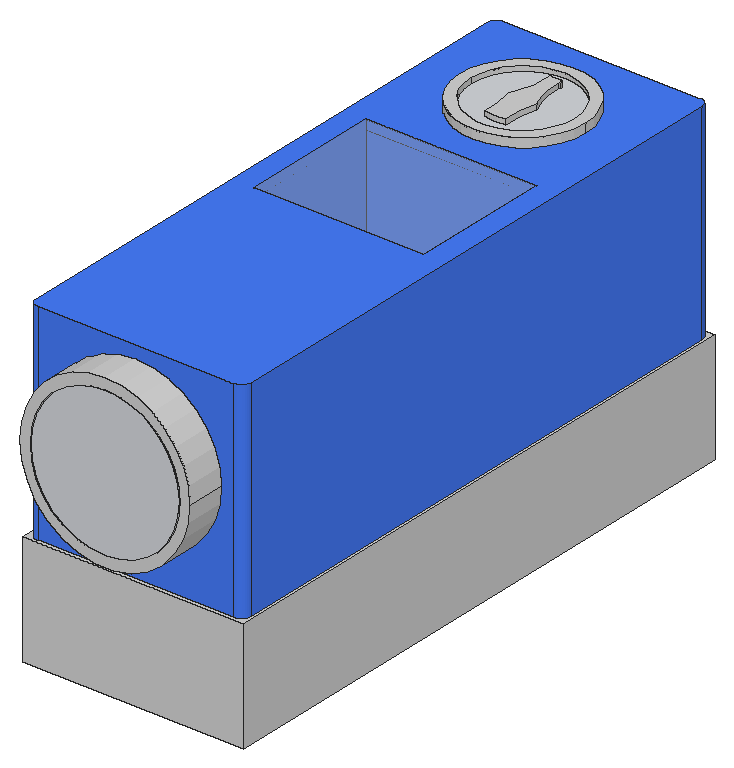
Revit family "Building-ConnessioniIEC309-GEWISS-66IB-PRESE-INTERBLOCCATE-HD_IP66_CON_FONDO_FUS", category Apparecchi elettrici, host Superficie, Revit 2019
Family settings
  Host = Superficie
  Mantenere orientamento annotazione = Sì
  Quota connettore circolare = Usa diametro
  Tipo di parte = Normale
  Taglio con vuoti quando caricato = Sì
  Condiviso = Sì
  Punto di calcolo locali = Sì
Parameters (values of type "GW66973 - PRESA BL.IP66 C.F.3P+T 32A 380V 3H CBF")
  voltaggio = 0 V
  vetro = Default - Vetro
  presa = Grigio RAL - 7035
  giallo = 0 mm
  dist_piano [instance] = 0 mm
  Vista_2d_pianta [instance] = yes
  Versione file RFA = "21.4"
  URL = "https://www.gewiss.com/it/it"
  Tipologia = "Verticale"
  Tipo fusibile = "Ø 10,3x38 mm"
  Tipo di impiego = "Impieghi gravosi"
  Termopressione con biglia = "80 °C"
  Tensione nominale = "380-440V"
  Temperatura di utilizzo = "-25 +40 °C"
  Temperatura di funzionamento = "-25 ÷ +40 °C"
  Struttura = Grigio RAL - 7035
  Simbolo presa = PRESAINDSTAGNA : 3P
  Simbolo [instance] = no
  Simb_circuito [instance] = not(Simbolo)  # yes
  Scheda Tecnica = "https://www.gewiss.com/it/it/search?q=GW66973"
  SEO = "Presa"
  Riferimento h = "3"
  Resistenza agli urti a -20Â°C = "20J"
  Resistenza agli urti = "> IK10"
  Protezione = "Base portafusibile (CBF)"
  Default Elevation = 1219.2 mm
  Produttore = "GEWISS S.p.A."
  Numero di poli = "3P+T"
  N_poli = 1
  N. poli = "3P+T"
  Modello = "GW66973"
  Immagine tipo = S.jpg
  IDT = "59f79668-9a62-484f-b845-13f84bd98f98"
  IDF = "b00cc055-93cd-40b8-8f21-2b850c09e6a3"
  Grado di protezione = "IP66"
  Glow wire test: = "850 °C"
  Glow Wire Test = "850 °C"
  Frequenza nominale (Hz) = "50/60 Hz"
  Frequenza = "50/60 Hz"
  Distanza x [instance] = 500 mm
  Distanza orizzontale simbolo [instance] = 0 mm
  Distanza effettiva x [instance] = 1500 mm - Distanza x  # 1000 mm
  Descrizione = "PRESA BL.IP66 C.F.3P+T 32A 380V 3H CBF"
  Creato da GEWISS S.p.A. = ""
  Corrente nominale (In) = "32"
  Corrente nominale (A) = "32"
  Corpo presa = Light Blue
  Cornice simbolo [instance] = yes
  Con fondo = "Si"
  Colore: = "Rosso"
  Colore = "Rosso"
  Codice Electrocod = "2222"
  Codice EAN = "8011564074446"
  Catalogo Serie = "66 IB"
  Catalogo = "BUILDING"
  COBie.Tagnumber = ""
  COBie.CreatedOn = ""
  COBie.CreatebBy = ""
  COBie.ComponentRegisterItemID = ""
  COBie.Component.TagNumber = ""
  COBie.Component.Space = ""
  COBie.Component.SerialNumber = ""
  COBie.Component.InstallationDate = ""
  COBie.Component.Description = ""
  COBie.Component.BarCode = ""
Types (34, lengths in mm): name | Tipo fusibile | Tensione nominale | Scheda Tecnica | Riferimento h | Numero di poli | N. poli | Modello | IDT | Descrizione | Corrente nominale (In) | Corrente nominale (A) | Colore: | Colore | Codice EAN
  GW66951 - PRESA BL.IP66 C.F.2P+T 16A 110V 4H CBF | "Ø 10,3x38 mm" | "100-130V" | "https://www.gewiss.com/it/it/search?q=GW66951" | "4" | "2P+T" | "2P+T" | "GW66951" | "77a16d08-d05d-436b-a638-9a520e0a916f" | "PRESA BL.IP66 C.F.2P+T 16A 110V 4H CBF" | "16" | "16" | "Giallo" | "Giallo" | "8011564074125"
  GW66952 - PRESA BL.IP66 C.F.3P+T 16A 110V 4H CBF | "Ø 10,3x38 mm" | "100-130V" | "https://www.gewiss.com/it/it/search?q=GW66952" | "4" | "3P+T" | "3P+T" | "GW66952" | "0ba77439-ff9c-4f3f-9c02-b0f44112d6f4" | "PRESA BL.IP66 C.F.3P+T 16A 110V 4H CBF" | "16" | "16" | "Giallo" | "Giallo" | "8011564074132"
  GW66953 - PRESA BL.IP66 C.F.3P+N+T 16A 110V 4H CBF | "Ø 10,3x38 mm" | "100-130V" | "https://www.gewiss.com/it/it/search?q=GW66953" | "4" | "3P+N+T" | "3P+N+T" | "GW66953" | "4fdf56c5-f387-4149-95c8-33f3b1c23906" | "PRESA BL.IP66 C.F.3P+N+T 16A 110V 4H CBF" | "16" | "16" | "Giallo" | "Giallo" | "8011564074149"
  GW66954 - PRESA BL.IP66 C.F.2P+T 16A 230V 6H CBF | "Ø 10,3x38 mm" | "200-250V" | "https://www.gewiss.com/it/it/search?q=GW66954" | "6" | "2P+T" | "2P+T" | "GW66954" | "3e202847-07fc-45d7-bda5-fb93b8c9a3e8" | "PRESA BL.IP66 C.F.2P+T 16A 230V 6H CBF" | "16" | "16" | "Blu" | "Blu" | "8011564074156"
  GW66955 - PRESA BL.IP66 C.F.3P+T 16A 230V 9H CBF | "Ø 10,3x38 mm" | "200-250V" | "https://www.gewiss.com/it/it/search?q=GW66955" | "9" | "3P+T" | "3P+T" | "GW66955" | "fd46b90d-e5e3-4956-a696-3ebcf95b063b" | "PRESA BL.IP66 C.F.3P+T 16A 230V 9H CBF" | "16" | "16" | "Blu" | "Blu" | "8011564074163"
  GW66956 - PRESA BL.IP66 C.F.3P+N+T 16A 230V 9H CBF | "Ø 10,3x38 mm" | "200-250V" | "https://www.gewiss.com/it/it/search?q=GW66956" | "9" | "3P+N+T" | "3P+N+T" | "GW66956" | "ea60be22-a0f3-4bb7-af8e-793f577707a2" | "PRESA BL.IP66 C.F.3P+N+T 16A 230V 9H CBF" | "16" | "16" | "Blu" | "Blu" | "8011564074170"
  GW66957 - PRESA BL.IP66 C.F.2P+T 16A 400V 9H CBF | "Ø 10,3x38 mm" | "380-415V" | "https://www.gewiss.com/it/it/search?q=GW66957" | "9" | "2P+T" | "2P+T" | "GW66957" | "22719024-076b-47a7-8da9-556821273217" | "PRESA BL.IP66 C.F.2P+T 16A 400V 9H CBF" | "16" | "16" | "Rosso" | "Rosso" | "8011564074187"
  GW66958 - PRESA BL.IP66 C.F.3P+T 16A 400V 6H CBF | "Ø 10,3x38 mm" | "380-415V" | "https://www.gewiss.com/it/it/search?q=GW66958" | "6" | "3P+T" | "3P+T" | "GW66958" | "18091085-3874-47bf-858c-fe3d6af9821e" | "PRESA BL.IP66 C.F.3P+T 16A 400V 6H CBF" | "16" | "16" | "Rosso" | "Rosso" | "8011564074194"
  GW66959 - PRESA BL.IP66 C.F.3P+N+T 16A 400V 6H CBF | "Ø 10,3x38 mm" | "380-415V" | "https://www.gewiss.com/it/it/search?q=GW66959" | "6" | "3P+N+T" | "3P+N+T" | "GW66959" | "e1550aca-8da8-48d1-8781-ae7db2d35301" | "PRESA BL.IP66 C.F.3P+N+T 16A 400V 6H CBF" | "16" | "16" | "Rosso" | "Rosso" | "8011564074200"
  GW66960 - PRESA BL.IP66 C.F.3P+T 16A 500V 7H CBF | "Ø 10,3x38 mm" | "480-500V" | "https://www.gewiss.com/it/it/search?q=GW66960" | "7" | "3P+T" | "3P+T" | "GW66960" | "d7495dcc-acf0-492c-ba92-12a28033f899" | "PRESA BL.IP66 C.F.3P+T 16A 500V 7H CBF" | "16" | "16" | "Nero" | "Nero" | "8011564074217"
  GW66961 - PRESA BL.IP66 C.F.3P+N+T 16A 500V 7H CBF | "Ø 10,3x38 mm" | "480-500V" | "https://www.gewiss.com/it/it/search?q=GW66961" | "7" | "3P+N+T" | "3P+N+T" | "GW66961" | "59197029-f5e3-4807-b249-af1dcef282a9" | "PRESA BL.IP66 C.F.3P+N+T 16A 500V 7H CBF" | "16" | "16" | "Nero" | "Nero" | "8011564074224"
  GW66962 - PRESA BL.IP66 C.F.2P+T 32A 110V 4H CBF | "Ø 10,3x38 mm" | "100-130V" | "https://www.gewiss.com/it/it/search?q=GW66962" | "4" | "2P+T" | "2P+T" | "GW66962" | "0174e0f9-c837-4417-8108-0a5fd59bd433" | "PRESA BL.IP66 C.F.2P+T 32A 110V 4H CBF" | "32" | "32" | "Giallo" | "Giallo" | "8011564074231"
  GW66963 - PRESA BL.IP66 C.F.3P+T 32A 110V 4H CBF | "Ø 10,3x38 mm" | "100-130V" | "https://www.gewiss.com/it/it/search?q=GW66963" | "4" | "3P+T" | "3P+T" | "GW66963" | "dbafdcd0-0294-4897-926c-47405c64bfc0" | "PRESA BL.IP66 C.F.3P+T 32A 110V 4H CBF" | "32" | "32" | "Giallo" | "Giallo" | "8011564074248"
  GW66964 - PRESA BL.IP66 C.F.3P+N+T 32A 110V 4H CBF | "Ø 10,3x38 mm" | "100-130V" | "https://www.gewiss.com/it/it/search?q=GW66964" | "4" | "3P+N+T" | "3P+N+T" | "GW66964" | "a774811b-0e65-418e-a89e-a328dc662e21" | "PRESA BL.IP66 C.F.3P+N+T 32A 110V 4H CBF" | "32" | "32" | "Giallo" | "Giallo" | "8011564074262"
  GW66965 - PRESA BL.IP66 C.F.2P+T 32A 230V 6H CBF | "Ø 10,3x38 mm" | "200-250V" | "https://www.gewiss.com/it/it/search?q=GW66965" | "6" | "2P+T" | "2P+T" | "GW66965" | "915ca8b9-37c9-4227-86d2-249dba3c8e49" | "PRESA BL.IP66 C.F.2P+T 32A 230V 6H CBF" | "32" | "32" | "Blu" | "Blu" | "8011564074279"
  GW66966 - PRESA BL.IP66 C.F.3P+T 32A 230V 9H CBF | "Ø 10,3x38 mm" | "200-250V" | "https://www.gewiss.com/it/it/search?q=GW66966" | "9" | "3P+T" | "3P+T" | "GW66966" | "56c86cc2-3662-45e7-8e3e-32ba20f85f30" | "PRESA BL.IP66 C.F.3P+T 32A 230V 9H CBF" | "32" | "32" | "Blu" | "Blu" | "8011564074293"
  GW66967 - PRESA BL.IP66 C.F.3P+N+T 32A 230V 9H CBF | "Ø 10,3x38 mm" | "200-250V" | "https://www.gewiss.com/it/it/search?q=GW66967" | "9" | "3P+N+T" | "3P+N+T" | "GW66967" | "6eb632ad-a5c7-4f64-b716-eabf1988ad11" | "PRESA BL.IP66 C.F.3P+N+T 32A 230V 9H CBF" | "32" | "32" | "Blu" | "Blu" | "8011564074316"
  GW66968 - PRESA BL.IP66 C.F.2P+T 32A 400V 9H CBF | "Ø 10,3x38 mm" | "380-415V" | "https://www.gewiss.com/it/it/search?q=GW66968" | "9" | "2P+T" | "2P+T" | "GW66968" | "8b2cf3b7-3e00-4d91-b67b-ba699850a180" | "PRESA BL.IP66 C.F.2P+T 32A 400V 9H CBF" | "32" | "32" | "Rosso" | "Rosso" | "8011564074330"
  GW66969 - PRESA BL.IP66 C.F.3P+T 32A 400V 6H CBF | "Ø 10,3x38 mm" | "380-415V" | "https://www.gewiss.com/it/it/search?q=GW66969" | "6" | "3P+T" | "3P+T" | "GW66969" | "e5de6570-401b-41f6-895c-401fe7aee057" | "PRESA BL.IP66 C.F.3P+T 32A 400V 6H CBF" | "32" | "32" | "Rosso" | "Rosso" | "8011564074354"
  GW66970 - PRESA BL.IP66 C.F.3P+N+T 32A 400V 6H CBF | "Ø 10,3x38 mm" | "380-415V" | "https://www.gewiss.com/it/it/search?q=GW66970" | "6" | "3P+N+T" | "3P+N+T" | "GW66970" | "eea5df71-cefb-4ce5-984b-0a58a1a287ee" | "PRESA BL.IP66 C.F.3P+N+T 32A 400V 6H CBF" | "32" | "32" | "Rosso" | "Rosso" | "8011564074385"
  GW66971 - PRESA BL.IP66 C.F.3P+T 32A 500V 7H CBF | "Ø 10,3x38 mm" | "480-500V" | "https://www.gewiss.com/it/it/search?q=GW66971" | "7" | "3P+T" | "3P+T" | "GW66971" | "a9a200c6-cfaa-490e-999c-3634bcc81537" | "PRESA BL.IP66 C.F.3P+T 32A 500V 7H CBF" | "32" | "32" | "Nero" | "Nero" | "8011564074408"
  GW66972 - PRESA BL.IP66 C.F.3P+N+T 32A 500V 7H CBF | "Ø 10,3x38 mm" | "480-500V" | "https://www.gewiss.com/it/it/search?q=GW66972" | "7" | "3P+N+T" | "3P+N+T" | "GW66972" | "3cdd2804-0457-4869-a626-f720ae38ba8c" | "PRESA BL.IP66 C.F.3P+N+T 32A 500V 7H CBF" | "32" | "32" | "Nero" | "Nero" | "8011564074422"
  GW66973 - PRESA BL.IP66 C.F.3P+T 32A 380V 3H CBF | "Ø 10,3x38 mm" | "380-440V" | "https://www.gewiss.com/it/it/search?q=GW66973" | "3" | "3P+T" | "3P+T" | "GW66973" | "59f79668-9a62-484f-b845-13f84bd98f98" | "PRESA BL.IP66 C.F.3P+T 32A 380V 3H CBF" | "32" | "32" | "Rosso" | "Rosso" | "8011564074446"
  GW66847 - PRESA BL.IP66 C.F.2P+T 63A 110V 4H CBF | "Ø 22x58 mm" | "100-130V" | "https://www.gewiss.com/it/it/search?q=GW66847" | "4" | "2P+T" | "2P+T" | "GW66847" | "e68c307b-a0d0-4fee-9524-99ff79b81537" | "PRESA BL.IP66 C.F.2P+T 63A 110V 4H CBF" | "63" | "63" | "Giallo" | "Giallo" | "8011564067097"
  GW66848 - PRESA BL.IP66 C.F.3P+T 63A 110V 4H CBF | "Ø 22x58 mm" | "100-130V" | "https://www.gewiss.com/it/it/search?q=GW66848" | "4" | "3P+T" | "3P+T" | "GW66848" | "52559620-c344-4adb-bc40-4ea8332d2950" | "PRESA BL.IP66 C.F.3P+T 63A 110V 4H CBF" | "63" | "63" | "Giallo" | "Giallo" | "8011564067110"
  GW66849 - PRESA BL.IP66 C.F.3P+N+T 63A 110V 4H CBF | "Ø 22x58 mm" | "100-130V" | "https://www.gewiss.com/it/it/search?q=GW66849" | "4" | "3P+N+T" | "3P+N+T" | "GW66849" | "eb040864-0d8b-41da-91e0-50107eb10800" | "PRESA BL.IP66 C.F.3P+N+T 63A 110V 4H CBF" | "63" | "63" | "Giallo" | "Giallo" | "8011564067226"
  GW66850 - PRESA BL.IP66 C.F.2P+T 63A 230V 6H CBF | "Ø 22x58 mm" | "200-250V" | "https://www.gewiss.com/it/it/search?q=GW66850" | "6" | "2P+T" | "2P+T" | "GW66850" | "eefe36f2-bc81-4d8a-8236-9f3d222724ef" | "PRESA BL.IP66 C.F.2P+T 63A 230V 6H CBF" | "63" | "63" | "Blu" | "Blu" | "8011564067233"
  GW66851 - PRESA BL.IP66 C.F.3P+T 63A 230V 9H CBF | "Ø 22x58 mm" | "200-250V" | "https://www.gewiss.com/it/it/search?q=GW66851" | "9" | "3P+T" | "3P+T" | "GW66851" | "fa7b3253-5295-40f6-8163-20254eb27370" | "PRESA BL.IP66 C.F.3P+T 63A 230V 9H CBF" | "63" | "63" | "Blu" | "Blu" | "8011564067240"
  GW66852 - PRESA BL.IP66 C.F.3P+N+T 63A 230V 9H CBF | "Ø 22x58 mm" | "200-250V" | "https://www.gewiss.com/it/it/search?q=GW66852" | "9" | "3P+N+T" | "3P+N+T" | "GW66852" | "d48338a4-e2f1-4cb6-929f-40b65af53ed8" | "PRESA BL.IP66 C.F.3P+N+T 63A 230V 9H CBF" | "63" | "63" | "Blu" | "Blu" | "8011564067257"
  GW66853 - PRESA BL.IP66 C.F.2P+T 63A 400V 9H CBF | "Ø 22x58 mm" | "380-415V" | "https://www.gewiss.com/it/it/search?q=GW66853" | "9" | "2P+T" | "2P+T" | "GW66853" | "59d537fa-1783-4b3f-a4ad-54901816a19a" | "PRESA BL.IP66 C.F.2P+T 63A 400V 9H CBF" | "63" | "63" | "Rosso" | "Rosso" | "8011564067264"
  GW66854 - PRESA BL.IP66 C.F.3P+T 63A 400V 6H CBF | "Ø 22x58 mm" | "380-415V" | "https://www.gewiss.com/it/it/search?q=GW66854" | "6" | "3P+T" | "3P+T" | "GW66854" | "a8afba74-b3c3-4dcd-a520-62ec0bdd5349" | "PRESA BL.IP66 C.F.3P+T 63A 400V 6H CBF" | "63" | "63" | "Rosso" | "Rosso" | "8011564067271"
  GW66855 - PRESA BL.IP66 C.F.3P+N+T 63A 400V 6H CBF | "Ø 22x58 mm" | "380-415V" | "https://www.gewiss.com/it/it/search?q=GW66855" | "6" | "3P+N+T" | "3P+N+T" | "GW66855" | "23338731-f61e-4df9-8361-4e10255c2abc" | "PRESA BL.IP66 C.F.3P+N+T 63A 400V 6H CBF" | "63" | "63" | "Rosso" | "Rosso" | "8011564067288"
  GW66856 - PRESA BL.IP66 C.F.3P+T 63A 500V 7H CBF | "Ø 22x58 mm" | "480-500V" | "https://www.gewiss.com/it/it/search?q=GW66856" | "7" | "3P+T" | "3P+T" | "GW66856" | "45f49ca2-6e14-4f7a-bc93-10a4721ab685" | "PRESA BL.IP66 C.F.3P+T 63A 500V 7H CBF" | "63" | "63" | "Nero" | "Nero" | "8011564067295"
  GW66857 - PRESA BL.IP66 C.F.3P+N+T 63A 500V 7H CBF | "Ø 22x58 mm" | "480-500V" | "https://www.gewiss.com/it/it/search?q=GW66857" | "7" | "3P+N+T" | "3P+N+T" | "GW66857" | "86f2eb9d-9b02-49d2-b492-8f5a2808bb30" | "PRESA BL.IP66 C.F.3P+N+T 63A 500V 7H CBF" | "63" | "63" | "Nero" | "Nero" | "8011564067387"
Reference planes
  plane 1 "Centro (Fronte/Retro)": y = 0
  plane 2: z = 0
  plane 3 "Centro (Sinistra/Destra)": x = 0
  plane 4: z = -2
  plane 5: x = -500
  plane 6: x = -1500
  plane 7: x = -500
  plane 8: through (-170.762, -4572, -38.353) normal (-0.6157, 0, 0.788)
  plane 9: x = -51.152
  plane 10: x = 53.222
  plane 11: z = -2
  plane 12: x = -74
  plane 13: x = 74
  plane 14: y = 392
  plane 15: y = -2
Forms (mm)
  Extrusion 1, solid, material "Grigio RAL - 7035" <- "Struttura"
    sketch origin (0, 0, 0) x (1, 0, 0) y (0, 1, 0)
      loop
        line (-74, 392) -> (-74, -2) -> (74, -2) -> (74, 392) -> (-74, 392)
    from -2 to 73
Lines and regions (mm)
  Masking region 1, visible <- "Vista_2d_pianta"
    outline origin (0, 0, 0) x (1, 0, 0) y (0, 0, 1)
  Masking region 2, visible <- "Vista_2d_pianta"
    outline origin (0, 0, 0) x (1, 0, 0) y (0, 0, 1)
      loop
        line (-74, 0) -> (74, 0) -> (74, 219) -> (-74, 219) -> (-74, 0)
Dimensions and locks
  locked: plane 2 to plane 4 at 2
  "Distanza effettiva x": plane 5 to plane 6
  plane 3 "Centro (Sinistra/Destra)" to plane 6 = 1500 mm
  plane 6 to plane 5 = 1000 mm
  "Distanza effettiva x": plane 6 to plane 7
  locked: plane 15 to plane 1 "Centro (Fronte/Retro)" at 2
  locked: plane 12 to nested 1 at 2
  locked: nested 1 to plane 13 at 2
  locked: plane 14 to nested 1 at 2
  locked: Extrusion 1 to plane 11 at 75
  "dist_piano": plane 11 to plane 4
  angle plane 8 to plane 4 = 142.00°
  angle plane 7 to plane 8 = 128.00°
  aligned and locked: plane 2 to host face
  aligned and locked: level to host face
  aligned and locked: plane 3 "Centro (Sinistra/Destra)" to nested 1
  aligned and locked: plane 7 to nested 2
  aligned and locked: plane 7 to nested 3
  aligned and locked: Extrusion 1 sketch curve to plane 12
  aligned and locked: Extrusion 1 sketch curve to plane 14
  aligned and locked: Extrusion 1 sketch curve to plane 13
  aligned and locked: Extrusion 1 sketch curve to plane 15
  aligned and locked: Extrusion 1 to nested 1
  aligned and locked: Extrusion 1 to plane 11
  aligned and locked: Masking region 2 to plane 12
  aligned and locked: plane 13 to Masking region 2
  aligned and locked: Masking region 2 to level
  aligned and locked: Masking region 2 to nested 1
Automatic sketch dimensions
  host sketch curve to host sketch curve = 2438.4 mm  (x2)
  Masking region 2 sketch curve to plane 10 = 20.778 mm
  plane 9 to Masking region 2 sketch curve = 22.848 mm
  level to Masking region 2 sketch curve = 0 mm
  Masking region 2 sketch curve to Masking region 2 sketch curve = 219 mm
Nested families
  nested 1: "GW66866_master" at (0, 0, -2), type "GW66866_master", detail levels medium+fine
  nested 2: "simbolo_circuitoGW66324N" at (-500, 30.442, 0), Distanza dal muro <- "Distanza orizzontale simbolo", SIMBOLO ACCESO <- "Simb_circuito", type "3P"
  nested 3: "PRESAINDSTAGNA" at (-500, 23.722, 0), Distanza dal muro <- "Distanza orizzontale simbolo", SIMBOLO ACCESO <- "Simbolo", type "3P"
    with SIMBOLO ACCESO no, Distanza dal muro 0 mm, BORDO ACCESO yes
Connectors
  electrical at (0, -26, 147.929), driven by "N_poli", driven by "voltaggio"
    settings: on nested 1, index 1, voltage 0 V, apparent load 0 VA, apparent load phase1 0 VA, apparent load phase2 0 VA, apparent load phase3 0 VA, power factor 1, load classification "Altro", number of poles 1, system type 31, power factor state 1, is connector primary yes, connector utility no, sub classification motor no, connector description ""
Definition of nested family "GW66866_master"
  Parameters (values of type "GW66866_master")
    w = 144 mm
    d_piano = 75 mm
    corpo presa = none
    Vetro = none
    Struttura = none
    Spessore = 30 mm
    Raggio = 40 mm
    Default Elevation = 14 mm
    Presa = none
    Lunghezza = 103 mm
    IFC.TypeObject = ""
    IFC.ExportType = ""
    IFC.ExportAs = ""
    H_da terra = 586.883 mm
    COBie.CreatedOn = ""
    COBie.CreatebBy = ""
    COBie.ComponentRegisterItemID = ""
    COBie.Component.TagNumber = ""
    COBie.Component.Space = ""
    COBie.Component.SerialNumber = ""
    COBie.Component.InstallationDate = ""
    COBie.Component.Description = ""
    COBie.Component.BarCode = ""
    Altezza = 390 mm
  Reference planes
    plane 1 "Centro (Fronte/Retro)": y = 0
    plane 2: z = 0
    plane 3 "Centro (Sinistra/Destra)": x = 0
    plane 4 "presa": z = 231
    plane 5: z = 221
    plane 6: z = 215
    plane 7: x = -72
    plane 8: x = 72
    plane 9: y = 390
    plane 10: y = 0
    plane 11: y = 324
    plane 12: z = 218
    plane 13: y = 217
    plane 14: x = -57
    plane 15: x = 57
    plane 16: y = 264
    plane 17: y = 170
    plane 18: z = 84.858
    plane 19: z = 208.562
    plane 20: z = 75
    plane 21: z = 149.929
    plane 22 "presa fronte": y = -26
  Forms (mm)
    Extrusion 1, solid, material <- "Struttura"
      sketch origin (0, -427.104, -30) x (1, 0, 0) y (0, 1, 0)
        loop
          circle (0, 751.104) r 34.75
        loop
          circle (0, 751.104) r 42.079
      from 245 to 251
    Extrusion 2, solid, material <- "Struttura"
      sketch origin (0, -427.104, -30) x (1, 0, 0) y (0, 1, 0)
        loop
          arc (-9.552, 750.899) -> (-7.429, 739.645) -> (-7.314, 728.193) r 64.983
          arc (-7.314, 728.193) -> (-0.131, 727.067) -> (7.064, 728.115) r 24.316
          arc (7.064, 728.115) -> (7.302, 739.566) -> (9.547, 750.796) r 64.983
          arc (9.547, 750.796) -> (5.519, 762.425) -> (4.215, 774.661) r 54.251
          line (4.215, 774.661) -> (4.25, 777.658)
          arc (4.25, 777.658) -> (3.985, 778.329) -> (3.336, 778.647) r 1
          arc (3.336, 778.647) -> (0.147, 778.794) -> (-3.043, 778.682) r 39.364
          arc (-3.043, 778.682) -> (-3.695, 778.371) -> (-3.967, 777.702) r 1
          line (-3.967, 777.702) -> (-3.964, 774.706)
          arc (-3.964, 774.706) -> (-5.4, 762.483) -> (-9.552, 750.899) r 54.251
      from 245 to 251
    Extrusion 3, solid, material <- "corpo presa"
      sketch origin (-2.5, -699.604, -30) x (1, 0, 0) y (0, 1, 0)
        loop
          arc (74.5, 1083.298) -> (72.653, 1087.757) -> (68.194, 1089.604) r 6.306
          line (68.194, 1089.604) -> (-63.194, 1089.604)
          arc (-63.194, 1089.604) -> (-67.653, 1087.757) -> (-69.5, 1083.298) r 6.306
          line (-69.5, 1083.298) -> (-69.5, 706.118)
          arc (-69.5, 706.118) -> (-67.592, 701.512) -> (-62.985, 699.604) r 6.515
          line (-62.985, 699.604) -> (67.985, 699.604)
          arc (67.985, 699.604) -> (72.592, 701.512) -> (74.5, 706.118) r 6.515
          line (74.5, 706.118) -> (74.5, 1083.298)
      from 105 to 245
    Extrusion 4, solid
      sketch origin (0, 0, 231) x (0, -1, 0) y (1, 0, 0)
        loop
          circle (-324, 0) r 34.75
      from -16 to -13
    Extrusion 5, void
      sketch origin (0, 0, 231) x (0, -1, 0) y (1, 0, 0)
        loop
          line (-170, -57) -> (-170, 57) -> (-264, 57) -> (-264, -57) -> (-170, -57)
      from -146.142 to -16
    Extrusion 6, solid, material <- "Vetro"
      sketch origin (0, 0, 231) x (0, -1, 0) y (1, 0, 0)
        loop
          line (-170, -57) -> (-170, 57) -> (-264, 57) -> (-264, -57) -> (-170, -57)
      from -22.438 to -16
    Extrusion 7, solid, material <- "Presa"
      sketch origin (0, 0, 0) x (1, 0, 0) y (0, 0, 1)
        loop
          circle (0, 149.929) r 57
        loop
          circle (0, 149.929) r 50
      from 0 to 26
    Extrusion 8, solid
      sketch origin (0, 0, 0) x (1, 0, 0) y (0, 0, 1)
        loop
          circle (0, 149.929) r 50
      from 0 to 26
  Cuts and joins
    Extrusion 5 cuts Extrusion 3
  Lines and regions (mm)
    symbolic lines
      curve 1: line (0, -26, 199.929) -> (0, -26, 99.929)
      curve 2: line (50, -26, 149.929) -> (-50, -26, 149.929)
  Dimensions and locks
    locked: plane 5 to plane 4 "presa" at 10
    locked: plane 6 to plane 5 at 6
    equal spacing: plane 7, plane 3 "Centro (Sinistra/Destra)", plane 8
    "w": plane 7 to plane 8
    "Altezza": plane 1 "Centro (Fronte/Retro)" to plane 9
    locked: plane 9 to plane 11 at 66
    locked: plane 12 to plane 6 at 3
    locked: plane 9 to plane 13 at 173
    equal spacing: plane 14, plane 3 "Centro (Sinistra/Destra)", plane 15
    plane 14 to plane 15 = 114 mm
    equal spacing: plane 16, plane 13, plane 17
    locked: plane 16 to plane 17 at 94
    locked: plane 6 to plane 19 at 6.438
    plane 6 to plane 20 = 140 mm
    "d_piano": plane 20 to level
    locked: plane 18 to plane 20 at 9.858
    locked: plane 22 "presa fronte" to plane 10 at 26
    diameter of Extrusion 1 sketch curve = 69.5 mm
    radius of Extrusion 4 sketch curve = 34.75 mm
    aligned and locked: level to plane 2
    aligned and locked: Extrusion 1 to Extrusion 3
    aligned and locked: Extrusion 2 to Extrusion 1
    aligned and locked: Extrusion 1 to Extrusion 2
    aligned and locked: Extrusion 3 to plane 6
    aligned and locked: Extrusion 1 to plane 5
    aligned and locked: Extrusion 3 sketch curve to plane 7
    aligned and locked: Extrusion 3 sketch curve to plane 8
    aligned and locked: Extrusion 3 sketch curve to plane 9
    aligned and locked: plane 10 to Extrusion 3 sketch curve
    aligned and locked: plane 10 to plane 1 "Centro (Fronte/Retro)"
    aligned and locked: plane 11 to Extrusion 1 sketch curve
    aligned and locked: plane 3 "Centro (Sinistra/Destra)" to Extrusion 1 sketch curve
    aligned and locked: plane 3 "Centro (Sinistra/Destra)" to Extrusion 4 sketch curve
    aligned and locked: plane 11 to Extrusion 4 sketch curve
    aligned and locked: plane 6 to Extrusion 4
    aligned and locked: plane 12 to Extrusion 4
    aligned and locked: Extrusion 5 sketch curve to plane 14
    aligned and locked: Extrusion 5 sketch curve to plane 17
    aligned and locked: Extrusion 5 sketch curve to plane 15
    aligned and locked: Extrusion 5 sketch curve to plane 16
    aligned and locked: Extrusion 5 to plane 18
    aligned and locked: Extrusion 5 to plane 6
    aligned and locked: Extrusion 6 sketch curve to plane 14
    aligned and locked: Extrusion 6 sketch curve to plane 17
    aligned and locked: Extrusion 6 sketch curve to plane 16
    aligned and locked: Extrusion 6 sketch curve to plane 15
    aligned and locked: Extrusion 6 to plane 19
    aligned and locked: Extrusion 6 to plane 6
    aligned and locked: plane 20 to cut or joined group of Extrusion 3, Extrusion 5
    aligned and locked: plane 3 "Centro (Sinistra/Destra)" to Extrusion 7 sketch curve
    aligned and locked: plane 21 to Extrusion 7 sketch curve
    aligned and locked: Extrusion 7 to plane 22 "presa fronte"
    aligned and locked: plane 3 "Centro (Sinistra/Destra)" to Extrusion 8 sketch curve
    aligned and locked: plane 21 to Extrusion 8 sketch curve
    aligned and locked: Extrusion 8 to plane 1 "Centro (Fronte/Retro)"
    aligned and locked: Extrusion 8 to plane 22 "presa fronte"
    aligned and locked: plane 3 "Centro (Sinistra/Destra)" to curve 1
    aligned and locked: curve 2 to plane 21
  Automatic sketch dimensions
    Extrusion 2 sketch curve to plane 3 "Centro (Sinistra/Destra)" = 0 mm
    Extrusion 2 sketch curve to plane 3 "Centro (Sinistra/Destra)" = 0.064 mm
    Extrusion 2 sketch curve to plane 3 "Centro (Sinistra/Destra)" = 2.967 mm
    Extrusion 2 sketch curve to Extrusion 2 sketch curve = 0.997 mm
    Extrusion 2 sketch curve to Extrusion 2 sketch curve = 1 mm  (x2)
    Extrusion 2 sketch curve to Extrusion 2 sketch curve = 54.251 mm
    Extrusion 2 sketch curve to Extrusion 2 sketch curve = 13.883 mm
    plane 3 "Centro (Sinistra/Destra)" to Extrusion 2 sketch curve = 3.25 mm
    Extrusion 2 sketch curve to Extrusion 2 sketch curve = 0.965 mm
    Extrusion 2 sketch curve to Extrusion 2 sketch curve = 54.25 mm
    Extrusion 2 sketch curve to Extrusion 2 sketch curve = 13.435 mm
    Extrusion 2 sketch curve to plane 1 "Centro (Fronte/Retro)" = 305.393 mm
    Extrusion 2 sketch curve to plane 1 "Centro (Fronte/Retro)" = 306.167 mm
    Extrusion 2 sketch curve to plane 1 "Centro (Fronte/Retro)" = 312.327 mm
    Extrusion 2 sketch curve to Extrusion 2 sketch curve = 11.953 mm
    Extrusion 2 sketch curve to Extrusion 2 sketch curve = 41.757 mm
    Extrusion 2 sketch curve to Extrusion 2 sketch curve = 23.278 mm
    Extrusion 2 sketch curve to Extrusion 2 sketch curve = 0.044 mm
    Extrusion 2 sketch curve to Extrusion 2 sketch curve = 41.61 mm
    Extrusion 2 sketch curve to Extrusion 2 sketch curve = 2.99 mm
    Extrusion 2 sketch curve to Extrusion 2 sketch curve = 0.007 mm
    Extrusion 2 sketch curve to Extrusion 2 sketch curve = 2.979 mm
    Extrusion 2 sketch curve to Extrusion 2 sketch curve = 0.018 mm
    Extrusion 2 sketch curve to Extrusion 2 sketch curve = 0 mm
    Extrusion 2 sketch curve to plane 3 "Centro (Sinistra/Destra)" = 7.314 mm
    Extrusion 2 sketch curve to Extrusion 2 sketch curve = 9.552 mm
    plane 3 "Centro (Sinistra/Destra)" to Extrusion 2 sketch curve = 7.064 mm
    Extrusion 3 sketch curve to Extrusion 3 sketch curve = 6.306 mm  (x2)
    Extrusion 3 sketch curve to Extrusion 3 sketch curve = 6.515 mm  (x2)
    Extrusion 1 sketch curve to Extrusion 1 sketch curve = 0 mm  (x2)
    Extrusion 7 sketch curve to Extrusion 7 sketch curve = 0 mm  (x2)
    plane 18 to curve 1 = 15.071 mm
    curve 1 to plane 19 = 8.633 mm
    curve 2 to plane 14 = 7 mm
    plane 15 to curve 2 = 7 mm
    radius of Extrusion 1 sketch curve = 42.079 mm
    radius of Extrusion 7 sketch curve = 57 mm
    radius of Extrusion 7 sketch curve = 50 mm
    radius of Extrusion 8 sketch curve = 50 mm
Definition of nested family "simbolo_circuitoGW66324N"
  Parameters (values of type "3P")
    SIMBOLO ACCESO [instance] = yes
    SIMBOLO = PRESAINDSTAGNA_BASE : 3P
    Distanza dal muro [instance] = 0 mm
    BORDO ACCESO [instance] = yes
  Reference planes
    plane 1: y = 0
    plane 2: x = 0
  Dimensions and locks
    "Distanza dal muro": plane 1 to nested 1
    aligned and locked: plane 2 to nested 1
  Nested families
    nested 1: "GW66201N-simb_base_di circuito" at (0, 0, 0), visible <- "SIMBOLO ACCESO", type "3P"
      with CORNICE SIMBOLO yes
  Definition of nested family "GW66201N-simb_base_di circuito"
    Parameters (values of type "3P")
      CORNICE SIMBOLO [instance] = yes
      3P = yes
    Types (2, lengths in mm): name | 3P
      3P | yes
      2P | no
    Reference planes
      plane 1: y = 0
      plane 2: x = 0
    Lines and regions (mm)
      detail lines, not visible
        curve 1: line (-2.443, 10.208, 0) -> (2.057, 10.208, 0)
        curve 2: line (2.057, 10.208, 0) -> (2.057, 4.208, 0)
        curve 3: line (2.057, 4.208, 0) -> (-2.443, 4.208, 0)
        curve 4: line (-2.443, 4.208, 0) -> (-2.443, 10.208, 0)
        curve 5: line (-2.043, 9.808, 0) -> (1.657, 9.808, 0)
        curve 6: line (1.657, 9.808, 0) -> (1.657, 4.608, 0)
        curve 7: line (1.657, 4.608, 0) -> (-2.043, 4.608, 0)
        curve 8: line (-2.043, 4.608, 0) -> (-2.043, 9.808, 0)
    Dimensions and locks
      aligned and locked: import instance to plane 2
      aligned and locked: plane 1 to import instance
Definition of nested family "PRESAINDSTAGNA"
  Parameters (values of type "3P")
    SIMBOLO ACCESO [instance] = yes
    SIMBOLO = PRESAINDSTAGNA_BASE : 3P
    Distanza dal muro [instance] = 0 mm
    BORDO ACCESO [instance] = yes
  Types (2): name
    2P
    3P
  Reference planes
    plane 1: y = 0
    plane 2: x = 0
  Dimensions and locks
    "Distanza dal muro": plane 1 to nested 1
    aligned and locked: plane 2 to nested 1
  Nested families
    nested 1: "PRESAINDSTAGNA_BASE" at (0, 0, 0), type <- "SIMBOLO", CORNICE SIMBOLO <- "BORDO ACCESO", visible <- "SIMBOLO ACCESO", type "3P"
  Definition of nested family "PRESAINDSTAGNA_BASE"
    Parameters (values of type "3P")
      CORNICE SIMBOLO [instance] = yes
      3P = yes
    Types (2, lengths in mm): name | 3P
      3P | yes
      2P | no
    Reference planes
      plane 1: y = 0
      plane 2: x = 0
    Lines and regions (mm)
      detail lines, not visible
        curve 1: line (-2.443, 10.208, 0) -> (2.057, 10.208, 0)
        curve 2: line (2.057, 10.208, 0) -> (2.057, 4.208, 0)
        curve 3: line (2.057, 4.208, 0) -> (-2.443, 4.208, 0)
        curve 4: line (-2.443, 4.208, 0) -> (-2.443, 10.208, 0)
        curve 5: line (-2.043, 9.808, 0) -> (1.657, 9.808, 0)
        curve 6: line (1.657, 9.808, 0) -> (1.657, 4.608, 0)
        curve 7: line (1.657, 4.608, 0) -> (-2.043, 4.608, 0)
        curve 8: line (-2.043, 4.608, 0) -> (-2.043, 9.808, 0)
      detail lines
        curve 9: line (-0.333, 0.928, 0) -> (-0.05, 0.928, 0)
        curve 10: line (-0.05, 0.928, 0) -> (0.417, 1.737, 0)
        curve 11: line (0.417, 1.737, 0) -> (0.764, 1.537, 0)
        curve 12: line (-0.05, 0.928, 0) -> (-0.333, 0.437, 0)
        curve 13: line (-0.333, 0.437, 0) -> (-0.333, 2.059, 0)
        curve 14: line (0.222, 1.399, 0) -> (0.569, 1.199, 0)
        curve 15: line (-0.723, 0.437, 0) -> (0.057, 0.437, 0)
        curve 16: line (-0.333, 0.81, 0) -> (-0.216, 0.928, 0)
        curve 17: line (-0.333, 0.741, 0) -> (-0.147, 0.928, 0)
        curve 18: line (-0.333, 0.672, 0) -> (-0.078, 0.928, 0)
        curve 19: line (-0.333, 0.603, 0) -> (-0.106, 0.831, 0)
        curve 20: line (-0.333, 0.534, 0) -> (-0.2, 0.668, 0)
        curve 22: arc (-0.723, 0.047, 0) -> (-0.333, 0.437, 0) -> (0.057, 0.047, 0) r 0.39
        curve 23: line (-0.8, 2.1, 0) -> (0.8, 2.1, 0)
        curve 24: line (-0.8, 0, 0) -> (-0.8, 2.1, 0)
        curve 25: line (0.8, 0, 0) -> (-0.8, 0, 0)
        curve 26: line (0.8, 2.1, 0) -> (0.8, 0, 0)
      detail lines, visible <- "3P"
        curve 21: line (0.028, 1.061, 0) -> (0.374, 0.861, 0)
